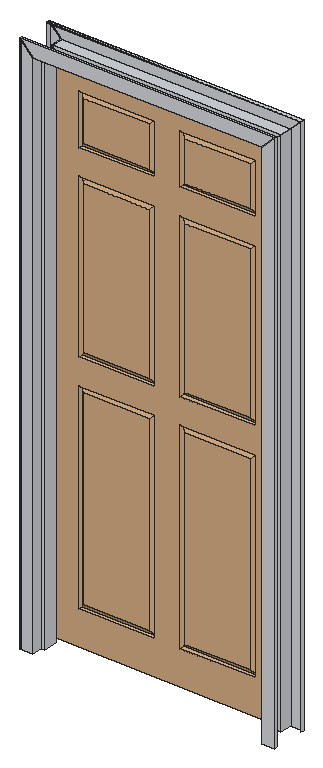
Revit family "Ext-Embossed-Door-WDMF-6-Panel-36 x 84", category Doors, host Wall, Revit 2014
Parameters (values of type "Ext-E-WDMF-6-Panel-36" x 84"")
  Width = Door Panel Width  # 3' - 0"
  Wall Thickness [instance] = 0' - 5 3/4"
  URL = ""
  Type Comments = "EXT,"
  Thickness = 0' - 1 3/4"
  Swing Angle [instance] = 90.00°
  SDI RO Spacing = 0' - 0"
  SDI Panel 1 Width = Leaf Width + 0' 0 3/16"  # 3' - 0"
  SDI No Panels = ""
  SDI HW Set [instance] = ""
  SDI HW Item LO-2 [instance] = ""
  SDI HW Item LO-1 [instance] = ""
  SDI HW Item KP-2 [instance] = ""
  SDI HW Item KP-1 [instance] = ""
  SDI HW Item HI-2 [instance] = ""
  SDI HW Item HI-1 [instance] = ""
  SDI HW Item HC-2 [instance] = ""
  SDI HW Item HC-1 [instance] = ""
  SDI HW Item ED-2 [instance] = ""
  SDI HW Item ED-1 [instance] = ""
  SDI HW Item DO-2 [instance] = ""
  SDI HW Item DO-1 [instance] = ""
  SDI HW Item CL-2 [instance] = ""
  SDI HW Item CL-1 [instance] = ""
  SDI Glass Material = Glass
  SDI Frame Type = "3 Piece"
  SDI Frame Material Type = "Hollow Metal"
  SDI Frame Material = Paint - Generic - Prime
  SDI Frame Manufacturer = ""
  SDI Frame Jamb Width = 0' - 2"
  SDI Frame Head Width = 0' - 2"
  SDI Frame Finish Type = "Painted"
  SDI Frame Finish Color = "Prime"
  SDI Frame Depth [instance] = 0' - 5 3/4"
  SDI Family Version = "1.0"
  SDI Door Top Rail Width = 0' - 7 3/4"
  SDI Door Stile Width = 0' - 6"
  SDI Door Panel Type = "N"
  SDI Door Material Type = "Hollow Metal"
  SDI Door Material = Stain - SRO - Red Oak 100 Clear
  SDI Door Manufacturer = ""
  SDI Door Glass Type = "1/4\" Tempered"
  SDI Door Finish Type = "Painted"
  SDI Door Finish Color = "Prime"
  SDI Door Configuration = "SG"
  SDI Door Bottom Rail Width = 5' - 0"
  SDI Arch Frame Type [instance] = ""
  SDI Arch Frame Material Type [instance] = "HM"
  SDI Arch Door Panel Type [instance] = "N"
  SDI Arch Door Material Type [instance] = "HM"
  Rough Width = Frame Width - 0' 0" + 2 * SDI RO Spacing  # 3' - 4"
  Rough Height = Frame Height - 0' 0" + SDI RO Spacing  # 7' - 2"
  R1 Height = 7' - 0"
  P1 Width = 3' - 2"
  Model = "Ext-E-WDMF-6-Panel-36\" x 84\""
  Manufacturer = ""
  Leaf Width = P1 Width - 0' 2 3/16"  # 2' - 11 13/16"
  Height = Door Panel Height  # 7' - 0"
  Glass Offset [instance] = 0' 2 1/16" + (SDI Frame Depth - 0' 5 3/4") / 2  # 0' - 2 1/16"
  Function = Exterior
  Frame Width = P1 Width + 0' 2"  # 3' - 4"
  Frame Offset [instance] = if(Aligned Exterior, SDI Frame Depth / 2, if(Aligned Center, Wall Thickness / 2, if(Aligned Interior, Wall Thickness - SDI Frame Depth + SDI Frame Depth / 2, Aligned Other)))  # 0' - 2 7/8"
  Frame Height = R1 Height + 0' 2"  # 7' - 2"
  Fire Rating = ""
  Exterior Glazing [instance] = no
  Door Panel Width = P1 Width - 0' 2"  # 3' - 0"
  Door Panel Height = R1 Height + 0' 2" - (0' 2")  # 7' - 0"
  Door Offset [instance] = 0' 2 13/16" + (SDI Frame Depth - 0' 5 3/4") / 2  # 0' - 2 13/16"
  Description = "Wood Door with Hollow Metal Frame 6 Panel"
  Cost = 0
  Assembly Code = "B2030120"
  Analytic Construction = "<None>"
  Aligned Other [instance] = 0' - 0"
  Aligned Interior [instance] = no
  Aligned Exterior [instance] = yes
  Aligned Center [instance] = no
  ADA Clearance Lines = no
Reference planes (in)
  plane 1: y = 0
  plane 2 "Center (Left/Right)": x = 0
  plane 3 "Wall Edge": y = 2.875
  plane 4 "Wall Interior": y = -2.875
  plane 5 "ModelRefLevel": z = 0
  plane 6 "FrameDepthPlane": y = 0
  plane 7 "FrameFront": y = 2.875
  plane 8 "FrameBack": y = -2.875
  plane 9 "V0": x = 19
  plane 10 "V1": x = -19
  plane 11 "H0": z = 1
  plane 12 "H1": z = 85
  plane 13 "DoorLeft": x = 18
  plane 14 "DoorRight": x = -18
  plane 15 "DoorCenter": x = 0
  plane 16 "DoorTop": z = 83.875
  plane 17 "DoorCenterTB": z = 41.9375
  plane 18 "DoorExtFace": y = 2.8125
  plane 19 "DoorGlassFace": y = 2.0625
  plane 20 "LockCenterLine": z = 32.5625
  plane 21 "DoorExtFace1": y = 2.0625
  plane 22 "GlassRight1": x = -11.90625
  plane 23 "ActDoorLeft": x = 17.90625
  plane 24 "SwingClrPlane": y = 62.875
  plane 25 "SwingPartialPlane": y = 50.875
  plane 26: x = -7.90625
  plane 27: x = -11.90625
  plane 28: z = 76.125
  plane 29: z = 51.125
  plane 30: z = 79
  plane 31: z = 6
  plane 32: z = 41.5
  plane 33: z = 37.5
  plane 34: x = 13.90625
  plane 35: x = -13.90625
  plane 36: x = 2
  plane 37: x = -2
  plane 38: z = 71
  plane 39: z = 67
  plane 40: z = 42.5
Forms (in)
  Extrusion 1, solid
    sketch origin (138.6875, 0, 43) x (-1, 0, 0) y (0, -1, 0)
      loop
        line (118.6875, -2.375) -> (118.6875, -2.875) -> (120.6875, -2.875) -> (120.6875, -0.9375) -> (121.3125, -0.9375) -> (121.3125, 1.3125) -> (120.6875, 1.3125) -> (120.6875, 2.875) -> (118.6875, 2.875) -> (118.6875, 2.4375) -> (118.75, 2.4375) -> (118.75, 2.8125) -> (120.625, 2.8125) -> (120.625, 1.25) -> (121.25, 1.25) -> (121.25, -0.875) -> (120.625, -0.875) -> (120.625, -2.8125) -> (118.75, -2.8125) -> (118.75, -2.375) -> (118.6875, -2.375)
    from -43 to 43
  Extrusion 2, void
    sketch origin (0, 2.875, 0) x (1, 0, 0) y (0, 0, 1)
      loop
        line (20, 86) -> (17.375, 86) -> (17.375, 83.375) -> (20, 86)
    from -12 to 12
  Extrusion 3, solid
    sketch origin (101.3125, 0, 43) x (-1, 0, 0) y (0, -1, 0)
      loop
        line (121.25, -2.375) -> (121.25, -2.8125) -> (119.375, -2.8125) -> (119.375, -0.875) -> (118.75, -0.875) -> (118.75, 1.25) -> (119.375, 1.25) -> (119.375, 2.8125) -> (121.25, 2.8125) -> (121.25, 2.4375) -> (121.3125, 2.4375) -> (121.3125, 2.875) -> (119.3125, 2.875) -> (119.3125, 1.3125) -> (118.6875, 1.3125) -> (118.6875, -0.9375) -> (119.3125, -0.9375) -> (119.3125, -2.875) -> (121.3125, -2.875) -> (121.3125, -2.375) -> (121.25, -2.375)
    from -43 to 43
  Extrusion 4, void
    sketch origin (0, 2.875, 0) x (1, 0, 0) y (0, 0, 1)
      loop
        line (-20, 86) -> (-17.375, 83.375) -> (-17.375, 86) -> (-20, 86)
    from -12 to 12
  Extrusion 5, solid
    sketch origin (0, 0, 84.6875) x (0, 1, 0) y (0, 0, 1)
      loop
        line (2.375, 1.25) -> (2.8125, 1.25) -> (2.8125, -0.625) -> (0.875, -0.625) -> (0.875, -1.25) -> (-1.25, -1.25) -> (-1.25, -0.625) -> (-2.8125, -0.625) -> (-2.8125, 1.25) -> (-2.4375, 1.25) -> (-2.4375, 1.3125) -> (-2.875, 1.3125) -> (-2.875, -0.6875) -> (-1.3125, -0.6875) -> (-1.3125, -1.3125) -> (0.9375, -1.3125) -> (0.9375, -0.6875) -> (2.875, -0.6875) -> (2.875, 1.3125) -> (2.375, 1.3125) -> (2.375, 1.25)
    from -20 to 20
  Extrusion 6, void
    sketch origin (0, 2.875, 0) x (1, 0, 0) y (0, 0, 1)
      loop
        line (-20, 86) -> (-20, 83.375) -> (-17.375, 83.375) -> (-20, 86)
    from -12 to 12
  Extrusion 7, void
    sketch origin (0, 2.875, 0) x (1, 0, 0) y (0, 0, 1)
      loop
        line (20, 86) -> (17.375, 83.375) -> (20, 83.375) -> (20, 86)
    from -12 to 12
  Extrusion 8, solid, material "Stain - SRO - Red Oak 100 Clear" <- "SDI Door Material"
    sketch origin (-60, 2.8125, -12) x (1, 0, 0) y (0, 0, 1)
      loop
        line (77.90625, 12.625) -> (77.90625, 95.875) -> (42.09375, 95.875) -> (42.09375, 12.625) -> (77.90625, 12.625)
    from 0 to 1.75
  Sweep 9, void
    path origin (0, 2.875, 0) x (1, 0, 0) y (0, 0, 1)
      loop
        line (13.90625, 79) -> (2, 79) -> (2, 71) -> (13.90625, 71) -> (13.90625, 79)
    profile origin (13.90625, 2.875, 75) x (0, -1, 0) y (1, 0, 0)
      loop
        line (0, 0) -> (0, -0.92134) -> (0.5, -0.23315) -> (0, 0)
      loop
        line (1.875, 0) -> (1.375, -0.23315) -> (1.875, -0.92134) -> (1.875, 0)
  Sweep 10, void
    path origin (0, 2.875, 0) x (1, 0, 0) y (0, 0, 1)
      loop
        line (13.90625, 37.5) -> (2, 37.5) -> (2, 6) -> (13.90625, 6) -> (13.90625, 37.5)
    profile origin (13.90625, 2.875, 21.75) x (0, -1, 0) y (1, 0, 0)
      loop
        line (0, 0) -> (0, -0.92134) -> (0.5, -0.23315) -> (0, 0)
      loop
        line (1.875, 0) -> (1.375, -0.23315) -> (1.875, -0.92134) -> (1.875, 0)
  Sweep 11, void
    path origin (0, 2.875, 0) x (1, 0, 0) y (0, 0, 1)
      loop
        line (-2, 79) -> (-13.90625, 79) -> (-13.90625, 71) -> (-2, 71) -> (-2, 79)
    profile origin (-2, 2.875, 75) x (0, -1, 0) y (1, 0, 0)
      loop
        line (0.0625, -0.80529) -> (0.5, -0.20312) -> (0.0625, -0.00088) -> (0.0625, -0.80529)
      loop
        line (1.8143, -0.80529) -> (1.8143, -0.00088) -> (1.3768, -0.20312) -> (1.8143, -0.80529)
  Sweep 12, void
    path origin (0, 2.875, 0) x (1, 0, 0) y (0, 0, 1)
      loop
        line (-2, 37.5) -> (-13.90625, 37.5) -> (-13.90625, 6) -> (-2, 6) -> (-2, 37.5)
    profile origin (-2, 2.875, 21.75) x (0, -1, 0) y (1, 0, 0)
      loop
        line (0.0625, -0.00088) -> (0.0625, -0.80529) -> (0.5, -0.20312) -> (0.0625, -0.00088)
      loop
        line (1.8143, -0.00088) -> (1.3768, -0.20312) -> (1.8143, -0.80529) -> (1.8143, -0.00088)
  Sweep 13, void
    path origin (0, 2.875, 0) x (1, 0, 0) y (0, 0, 1)
      loop
        line (13.90625, 67) -> (2, 67) -> (2, 41.5) -> (13.90625, 41.5) -> (13.90625, 67)
    profile origin (13.90625, 2.875, 54.25) x (0, -1, 0) y (1, 0, 0)
      loop
        line (0.0625, -0.02914) -> (0.0625, -0.83532) -> (0.5, -0.23315) -> (0.0625, -0.02914)
      loop
        line (1.8125, -0.02914) -> (1.375, -0.23315) -> (1.8125, -0.83532) -> (1.8125, -0.02914)
  Sweep 14, void
    path origin (0, 2.875, 0) x (1, 0, 0) y (0, 0, 1)
      loop
        line (-2, 67) -> (-13.90625, 67) -> (-13.90625, 41.5) -> (-2, 41.5) -> (-2, 67)
    profile origin (-2, 2.875, 54.25) x (0, -1, 0) y (1, 0, 0)
      loop
        line (0.5, -0.20313) -> (0.0625, -0.00088) -> (0.0625, -0.80529) -> (0.5, -0.20313)
      loop
        line (1.8125, -0.80529) -> (1.8125, -0.00172) -> (1.37545, -0.20375) -> (1.8125, -0.80529)
Cuts and joins
  Extrusion 2 cuts Extrusion 1
  Extrusion 4 cuts Extrusion 3
  Extrusion 6, Extrusion 7 cuts Extrusion 5
  Sweep 9, Sweep 10, Sweep 11, Sweep 12, Sweep 13, Sweep 14 cuts Extrusion 8
Lines and regions (in)
  Opening 1
    outline origin (-60, -2.875, 0) x (1, 0, 0) y (0, 0, 1)
      loop
        line (80, 0) -> (80, 86) -> (40, 86) -> (40, 0) -> (80, 0)
  symbolic lines, style "DoorsFrameMullionProjection", detail levels fine
    curve 1: line (20, 2.375, 0) -> (20, 2.875, 0)
    curve 2: line (20, 2.875, 0) -> (18, 2.875, 0)
    curve 3: line (18, 2.875, 0) -> (18, 0.9375, 0)
    curve 4: line (18, 0.9375, 0) -> (17.375, 0.9375, 0)
    curve 5: line (17.375, 0.9375, 0) -> (17.375, -1.3125, 0)
    curve 6: line (17.375, -1.3125, 0) -> (18, -1.3125, 0)
    curve 7: line (18, -1.3125, 0) -> (18, -2.875, 0)
    curve 8: line (18, -2.875, 0) -> (20, -2.875, 0)
    curve 9: line (20, -2.875, 0) -> (20, -2.4375, 0)
    curve 10: line (20, -2.4375, 0) -> (19.9375, -2.4375, 0)
    curve 11: line (19.9375, -2.4375, 0) -> (19.9375, -2.8125, 0)
    curve 12: line (19.9375, -2.8125, 0) -> (18.0625, -2.8125, 0)
    curve 13: line (18.0625, -2.8125, 0) -> (18.0625, -1.25, 0)
    curve 14: line (18.0625, -1.25, 0) -> (17.4375, -1.25, 0)
    curve 15: line (17.4375, -1.25, 0) -> (17.4375, 0.875, 0)
    curve 16: line (17.4375, 0.875, 0) -> (18.0625, 0.875, 0)
    curve 17: line (18.0625, 0.875, 0) -> (18.0625, 2.8125, 0)
    curve 18: line (18.0625, 2.8125, 0) -> (19.9375, 2.8125, 0)
    curve 19: line (19.9375, 2.8125, 0) -> (19.9375, 2.375, 0)
    curve 20: line (19.9375, 2.375, 0) -> (20, 2.375, 0)
    curve 25: line (-19.9375, 2.375, 0) -> (-19.9375, 2.8125, 0)
    curve 26: line (-19.9375, 2.8125, 0) -> (-18.0625, 2.8125, 0)
    curve 27: line (-18.0625, 2.8125, 0) -> (-18.0625, 0.875, 0)
    curve 28: line (-18.0625, 0.875, 0) -> (-17.4375, 0.875, 0)
    curve 29: line (-17.4375, 0.875, 0) -> (-17.4375, -1.25, 0)
    curve 30: line (-17.4375, -1.25, 0) -> (-18.0625, -1.25, 0)
    curve 31: line (-18.0625, -1.25, 0) -> (-18.0625, -2.8125, 0)
    curve 32: line (-18.0625, -2.8125, 0) -> (-19.9375, -2.8125, 0)
    curve 33: line (-19.9375, -2.8125, 0) -> (-19.9375, -2.4375, 0)
    curve 34: line (-19.9375, -2.4375, 0) -> (-20, -2.4375, 0)
    curve 35: line (-20, -2.4375, 0) -> (-20, -2.875, 0)
    curve 36: line (-20, -2.875, 0) -> (-18, -2.875, 0)
    curve 37: line (-18, -2.875, 0) -> (-18, -1.3125, 0)
    curve 38: line (-18, -1.3125, 0) -> (-17.375, -1.3125, 0)
    curve 39: line (-17.375, -1.3125, 0) -> (-17.375, 0.9375, 0)
    curve 40: line (-17.375, 0.9375, 0) -> (-18, 0.9375, 0)
    curve 41: line (-18, 0.9375, 0) -> (-18, 2.875, 0)
    curve 42: line (-18, 2.875, 0) -> (-20, 2.875, 0)
    curve 43: line (-20, 2.875, 0) -> (-20, 2.375, 0)
    curve 44: line (-20, 2.375, 0) -> (-19.9375, 2.375, 0)
  symbolic lines, style "DoorsFrameMullionProjection", detail levels coarse+medium
    curve 21: line (18, -2.875, 0) -> (20, -2.875, 0)
    curve 22: line (18, 2.875, 0) -> (20, 2.875, 0)
    curve 23: line (18, -2.875, 0) -> (18, 2.875, 0)
    curve 24: line (20, -2.875, 0) -> (20, 2.875, 0)
    curve 45: line (-20, -2.875, 0) -> (-18, -2.875, 0)
    curve 46: line (-20, 2.875, 0) -> (-18, 2.875, 0)
    curve 47: line (-20, -2.875, 0) -> (-20, 2.875, 0)
    curve 48: line (-18, -2.875, 0) -> (-18, 2.875, 0)
  symbolic lines, style "Elevation Swing"
    curve 49: line (-17.90625, 2.875, 83.875) -> (17.90625, 2.875, 41.9375)
    curve 50: line (-17.90625, 2.875, 0) -> (17.90625, 2.875, 41.9375)
  symbolic lines, style "ADA Clearance", visible <- "ADA Clearance Lines"
    curve 51: line (20, 2.875, 0) -> (20, 62.875, 0)
    curve 52: line (-36, 62.875, 0) -> (20, 62.875, 0)
    curve 53: line (-36, 50.875, 0) -> (20, 50.875, 0)
    curve 54: line (-36, 2.875, 0) -> (-36, 62.875, 0)
    curve 55: line (20, -2.875, 0) -> (20, -50.875, 0)
    curve 56: line (-30, -50.875, 0) -> (20, -50.875, 0)
    curve 57: line (-30, -2.875, 0) -> (-30, -50.875, 0)
Text (in)
  text "Placement Side" at (0, 40.15149, 123.01588), in view "Right"
  text "Placement Side" at (-70.3804, 28.46503, 0), in view "Ref. Level"
  text "Placement Side" at (0, 81.62555, 140.59947), in view "Left"
Dimensions and locks (in)
  locked: plane 3 "Wall Edge" to host wall
  equal spacing: host wall, plane 2 "Center (Left/Right)", host wall
  "Rough Width": host wall to host wall
  "Rough Height": level to host wall
  equal spacing: plane 3 "Wall Edge", plane 1, plane 4 "Wall Interior"
  "Wall Thickness": host wall to host wall
  "Frame Offset": plane 3 "Wall Edge" to plane 6 "FrameDepthPlane"
  equal spacing: plane 7 "FrameFront", plane 6 "FrameDepthPlane", plane 8 "FrameBack"
  "SDI Frame Depth": plane 7 "FrameFront" to plane 8 "FrameBack"
  equal spacing: plane 9 "V0", plane 2 "Center (Left/Right)", plane 10 "V1"
  "P1 Width": plane 9 "V0" to plane 10 "V1"
  "R1 Height": plane 11 "H0" to plane 12 "H1"
  locked: plane 12 "H1" to Extrusion 1 at 1
  locked: plane 11 "H0" to Extrusion 1 at 1
  locked: plane 9 "V0" to Extrusion 1 at 1  (x4)
  locked: plane 9 "V0" to Extrusion 1 at 0.9375  (x5)
  locked: plane 9 "V0" to Extrusion 1 at 1.5625
  locked: plane 9 "V0" to Extrusion 1 at 1.625
  locked: plane 12 "H1" to Extrusion 3 at 1
  locked: plane 11 "H0" to Extrusion 3 at 1
  locked: plane 10 "V1" to Extrusion 3 at 0.9375  (x4)
  locked: plane 10 "V1" to Extrusion 3 at 1  (x5)
  locked: plane 10 "V1" to Extrusion 3 at 1.625
  locked: plane 10 "V1" to Extrusion 3 at 1.5625
  locked: plane 9 "V0" to Extrusion 5 at 1
  locked: plane 10 "V1" to Extrusion 5 at 1
  locked: plane 12 "H1" to Extrusion 5 at 0.9375  (x5)
  locked: plane 12 "H1" to Extrusion 5 at 1.5625
  locked: plane 12 "H1" to Extrusion 5 at 1  (x4)
  locked: plane 12 "H1" to Extrusion 5 at 1.625
  locked: plane 7 "FrameFront" to cut or joined group of Extrusion 1, Extrusion 2 at 1.9375
  locked: plane 7 "FrameFront" to cut or joined group of Extrusion 1, Extrusion 2 at 2
  locked: plane 7 "FrameFront" to cut or joined group of Extrusion 1, Extrusion 2 at 0.0625
  locked: plane 7 "FrameFront" to cut or joined group of Extrusion 1, Extrusion 2 at 0.5
  locked: plane 8 "FrameBack" to cut or joined group of Extrusion 1, Extrusion 2 at 1.5625
  locked: plane 8 "FrameBack" to cut or joined group of Extrusion 1, Extrusion 2 at 0.4375
  locked: plane 8 "FrameBack" to cut or joined group of Extrusion 1, Extrusion 2 at 0.0625
  locked: plane 8 "FrameBack" to cut or joined group of Extrusion 1, Extrusion 2 at 1.625
  locked: plane 7 "FrameFront" to cut or joined group of Extrusion 3, Extrusion 4 at 0.0625
  locked: plane 7 "FrameFront" to cut or joined group of Extrusion 3, Extrusion 4 at 2
  locked: plane 7 "FrameFront" to cut or joined group of Extrusion 3, Extrusion 4 at 1.9375
  locked: plane 7 "FrameFront" to cut or joined group of Extrusion 3, Extrusion 4 at 0.5
  locked: plane 8 "FrameBack" to cut or joined group of Extrusion 3, Extrusion 4 at 1.625
  locked: plane 8 "FrameBack" to cut or joined group of Extrusion 3, Extrusion 4 at 0.0625
  locked: plane 8 "FrameBack" to cut or joined group of Extrusion 3, Extrusion 4 at 0.4375
  locked: plane 8 "FrameBack" to cut or joined group of Extrusion 3, Extrusion 4 at 1.5625
  locked: plane 7 "FrameFront" to cut or joined group of Extrusion 5, Extrusion 6, Extrusion 7 at 0.0625
  locked: plane 7 "FrameFront" to cut or joined group of Extrusion 5, Extrusion 6, Extrusion 7 at 2
  locked: plane 7 "FrameFront" to cut or joined group of Extrusion 5, Extrusion 6, Extrusion 7 at 1.9375
  locked: plane 7 "FrameFront" to cut or joined group of Extrusion 5, Extrusion 6, Extrusion 7 at 0.5
  locked: plane 8 "FrameBack" to cut or joined group of Extrusion 5, Extrusion 6, Extrusion 7 at 1.625
  locked: plane 8 "FrameBack" to cut or joined group of Extrusion 5, Extrusion 6, Extrusion 7 at 0.0625
  locked: plane 8 "FrameBack" to cut or joined group of Extrusion 5, Extrusion 6, Extrusion 7 at 0.4375
  locked: plane 8 "FrameBack" to cut or joined group of Extrusion 5, Extrusion 6, Extrusion 7 at 1.5625
  locked: plane 7 "FrameFront" to curve 4 at 1.9375
  locked: plane 7 "FrameFront" to curve 16 at 2
  locked: plane 7 "FrameFront" to curve 18 at 0.0625
  locked: plane 7 "FrameFront" to curve 20 at 0.5
  locked: plane 7 "FrameFront" to curve 26 at 0.0625
  locked: plane 7 "FrameFront" to curve 28 at 2
  locked: plane 7 "FrameFront" to curve 40 at 1.9375
  locked: plane 7 "FrameFront" to curve 44 at 0.5
  locked: plane 8 "FrameBack" to curve 6 at 1.5625
  locked: plane 8 "FrameBack" to curve 10 at 0.4375
  locked: plane 8 "FrameBack" to curve 12 at 0.0625
  locked: plane 8 "FrameBack" to curve 14 at 1.625
  locked: plane 8 "FrameBack" to curve 30 at 1.625
  locked: plane 8 "FrameBack" to curve 32 at 0.0625
  locked: plane 8 "FrameBack" to curve 34 at 0.4375
  locked: plane 8 "FrameBack" to curve 38 at 1.5625
  locked: plane 9 "V0" to plane 13 "DoorLeft" at 1
  locked: plane 10 "V1" to plane 14 "DoorRight" at 1
  locked: plane 12 "H1" to plane 16 "DoorTop" at 1.125
  equal spacing: plane 16 "DoorTop", plane 17 "DoorCenterTB", plane 5 "ModelRefLevel"
  "Door Offset": plane 6 "FrameDepthPlane" to plane 18 "DoorExtFace"
  "Glass Offset": plane 6 "FrameDepthPlane" to plane 19 "DoorGlassFace"
  plane 20 "LockCenterLine" to plane 5 "ModelRefLevel" = 2' - 8 9/16"
  locked: Extrusion 8 to Extrusion 8 at 1.75
  locked: plane 6 "FrameDepthPlane" to plane 21 "DoorExtFace1" at 2.0625
  locked: plane 14 "DoorRight" to plane 22 "GlassRight1" at 6.09375
  locked: plane 13 "DoorLeft" to Extrusion 8 at 0.09375
  locked: plane 14 "DoorRight" to Extrusion 8 at 0.09375
  locked: plane 5 "ModelRefLevel" to Extrusion 8 at 0.625
  locked: plane 13 "DoorLeft" to plane 23 "ActDoorLeft" at 0.09375
  locked: plane 3 "Wall Edge" to plane 24 "SwingClrPlane" at 60
  locked: plane 3 "Wall Edge" to plane 25 "SwingPartialPlane" at 48
  locked: plane 27 to plane 14 "DoorRight" at 6.09375
  plane 26 to plane 27 = 0' - 4"
  locked: plane 29 to plane 28 at 25
  locked: plane 28 to plane 12 "H1" at 8.875
  locked: plane 30 to plane 12 "H1" at 6
  locked: plane 11 "H0" to plane 31 at 5
  locked: plane 23 "ActDoorLeft" to plane 34 at 4
  locked: plane 35 to plane 14 "DoorRight" at 4.09375
  locked: plane 15 "DoorCenter" to plane 36 at 2
  locked: plane 15 "DoorCenter" to plane 37 at 2
  locked: plane 38 to plane 30 at 8
  locked: plane 39 to plane 38 at 4
  locked: plane 33 to plane 32 at 4
  equal spacing: plane 31, plane 40, plane 30
  locked: plane 32 to plane 40 at 1
  aligned and locked: plane 4 "Wall Interior" to host wall
  aligned and locked: cut or joined group of Extrusion 1, Extrusion 2 to plane 7 "FrameFront"
  aligned and locked: plane 8 "FrameBack" to cut or joined group of Extrusion 1, Extrusion 2
  aligned and locked: cut or joined group of Extrusion 3, Extrusion 4 to plane 7 "FrameFront"
  aligned and locked: plane 8 "FrameBack" to cut or joined group of Extrusion 3, Extrusion 4
  aligned and locked: cut or joined group of Extrusion 5, Extrusion 6, Extrusion 7 to plane 7 "FrameFront"
  aligned and locked: plane 8 "FrameBack" to cut or joined group of Extrusion 5, Extrusion 6, Extrusion 7
  aligned and locked: curve 2 to plane 7 "FrameFront"
  aligned and locked: plane 7 "FrameFront" to curve 22
  aligned and locked: curve 42 to plane 7 "FrameFront"
  aligned and locked: plane 7 "FrameFront" to curve 46
  aligned and locked: plane 8 "FrameBack" to curve 8
  aligned and locked: plane 8 "FrameBack" to curve 36
  aligned and locked: Extrusion 8 to plane 18 "DoorExtFace"
  aligned and locked: Extrusion 8 to plane 16 "DoorTop"
  aligned and locked: plane 7 "FrameFront" to nested 1
  aligned and locked: plane 23 "ActDoorLeft" to nested 1
  aligned and locked: plane 24 "SwingClrPlane" to curve 52
  aligned and locked: plane 25 "SwingPartialPlane" to curve 53
  aligned and locked: Sweep 9 sketch curve to plane 30
  aligned and locked: Sweep 9 sketch curve to plane 34
  aligned and locked: Sweep 10 sketch curve to plane 31
  aligned and locked: Sweep 10 sketch curve to plane 33
  aligned and locked: Sweep 10 sketch curve to plane 34
  aligned and locked: Sweep 9 sketch curve to plane 36
  aligned and locked: Sweep 10 sketch curve to plane 36
  aligned and locked: plane 37 to Sweep 11 sketch curve
  aligned and locked: plane 30 to Sweep 11 sketch curve
  aligned and locked: plane 35 to Sweep 11 sketch curve
  aligned and locked: plane 37 to Sweep 12 sketch curve
  aligned and locked: plane 35 to Sweep 12 sketch curve
  aligned and locked: plane 31 to Sweep 12 sketch curve
  aligned and locked: plane 33 to Sweep 12 sketch curve
  aligned and locked: Sweep 9 sketch curve to plane 38
  aligned and locked: Sweep 11 sketch curve to plane 38
  aligned and locked: plane 34 to Sweep 13 sketch curve
  aligned and locked: plane 36 to Sweep 13 sketch curve
  aligned and locked: plane 39 to Sweep 13 sketch curve
  aligned and locked: plane 32 to Sweep 13 sketch curve
  aligned and locked: plane 37 to Sweep 14 sketch curve
  aligned and locked: plane 35 to Sweep 14 sketch curve
  aligned and locked: plane 39 to Sweep 14 sketch curve
  aligned and locked: plane 32 to Sweep 14 sketch curve
Automatic sketch dimensions
  Opening 1 sketch curve to level = 0' - 0"
  Opening 1 sketch curve to plane 2 "Center (Left/Right)" = 1' - 8"
  plane 2 "Center (Left/Right)" to Opening 1 sketch curve = 1' - 8"
  level to Opening 1 sketch curve = 7' - 2"
  Extrusion 2 sketch curve to plane 9 "V0" = 0' - 1 5/8"
  plane 9 "V0" to Extrusion 2 sketch curve = 0' - 1"
  plane 12 "H1" to Extrusion 2 sketch curve = 0' - 1 5/8"
  Extrusion 2 sketch curve to plane 12 "H1" = 0' - 1"
  Extrusion 1 sketch curve to host wall = 0' - 0"
  host wall to Extrusion 1 sketch curve = 0' - 0"
  Extrusion 1 sketch curve to host wall = 0' - 0 1/2"
  plane 2 "Center (Left/Right)" to Extrusion 1 sketch curve = 1' - 8"  (x2)
  Extrusion 1 sketch curve to host wall = 0' - 0 7/16"
  Extrusion 1 sketch curve to Extrusion 1 sketch curve = 0' - 0 1/16"  (x7)
  plane 2 "Center (Left/Right)" to Extrusion 1 sketch curve = 1' - 6 1/16"  (x2)
  Extrusion 1 sketch curve to host wall = 0' - 0 1/16"  (x2)
  Extrusion 1 sketch curve to Extrusion 1 sketch curve = 0' - 0 9/16"
  Extrusion 1 sketch curve to host wall = 0' - 0 15/16"
  host wall to Extrusion 1 sketch curve = 0' - 1 1/4"
  plane 9 "V0" to curve 1 = 0' - 1"
  curve 6 to curve 5 = 0' - 0 5/8"
  curve 7 to plane 9 "V0" = 0' - 1"
  curve 9 to curve 10 = 0' - 0 1/16"
  curve 12 to curve 7 = 0' - 0 1/16"
  curve 14 to curve 5 = 0' - 0 1/16"
  curve 16 to curve 3 = 0' - 0 1/16"
  curve 1 to curve 18 = 0' - 0 1/16"
  Extrusion 4 sketch curve to plane 10 "V1" = 0' - 1"
  plane 10 "V1" to Extrusion 4 sketch curve = 0' - 1 5/8"
  plane 12 "H1" to Extrusion 4 sketch curve = 0' - 1 5/8"
  Extrusion 4 sketch curve to plane 12 "H1" = 0' - 1"
  host wall to Extrusion 3 sketch curve = 0' - 0"
  Extrusion 3 sketch curve to host wall = 0' - 0"
  Extrusion 3 sketch curve to plane 2 "Center (Left/Right)" = 1' - 5 3/8"
  Extrusion 3 sketch curve to Extrusion 3 sketch curve = 0' - 0 1/16"  (x7)
  Extrusion 3 sketch curve to Extrusion 3 sketch curve = 0' - 0 9/16"  (x2)
  Extrusion 3 sketch curve to host wall = 0' - 0 7/16"
  Extrusion 3 sketch curve to plane 2 "Center (Left/Right)" = 1' - 7 15/16"  (x2)
  Extrusion 3 sketch curve to host wall = 0' - 0 1/2"
  Extrusion 3 sketch curve to host wall = 0' - 0 1/16"  (x2)
  Extrusion 3 sketch curve to host wall = 0' - 0 15/16"
  host wall to Extrusion 3 sketch curve = 0' - 1 1/4"
  plane 10 "V1" to curve 26 = 0' - 0 15/16"
  curve 29 to curve 30 = 0' - 0 5/8"
  curve 32 to plane 10 "V1" = 0' - 0 15/16"
  curve 33 to curve 34 = 0' - 0 1/16"
  curve 36 to curve 31 = 0' - 0 1/16"
  curve 38 to curve 29 = 0' - 0 1/16"
  curve 40 to curve 27 = 0' - 0 1/16"
  curve 25 to curve 42 = 0' - 0 1/16"
  Extrusion 6 sketch curve to plane 10 "V1" = 0' - 1"
  plane 10 "V1" to Extrusion 6 sketch curve = 0' - 1 5/8"
  plane 12 "H1" to Extrusion 6 sketch curve = 0' - 1 5/8"
  Extrusion 6 sketch curve to plane 12 "H1" = 0' - 1"
  Extrusion 7 sketch curve to plane 9 "V0" = 0' - 1 5/8"
  plane 9 "V0" to Extrusion 7 sketch curve = 0' - 1"
  plane 12 "H1" to Extrusion 7 sketch curve = 0' - 1 5/8"
  Extrusion 7 sketch curve to plane 12 "H1" = 0' - 1"
  Extrusion 5 sketch curve to host wall = 0' - 0"  (x2)
  Extrusion 5 sketch curve to host wall = 0' - 0 1/16"  (x2)
  Extrusion 5 sketch curve to Extrusion 5 sketch curve = 0' - 0 3/8"
  host wall to Extrusion 5 sketch curve = 0' - 1 5/16"
  Extrusion 5 sketch curve to Extrusion 5 sketch curve = 0' - 0 1/16"  (x7)
  Extrusion 5 sketch curve to host wall = 0' - 0 7/8"
  Extrusion 5 sketch curve to host wall = 0' - 0 1/2"
  level to Extrusion 5 sketch curve = 6' - 11 3/8"
  Extrusion 5 sketch curve to Extrusion 5 sketch curve = 0' - 0 9/16"  (x2)
  Extrusion 5 sketch curve to plane 11 "H0" = 7' - 0 15/16"  (x2)
  Extrusion 8 sketch curve to plane 16 "DoorTop" = 0' - 0"
  plane 14 "DoorRight" to Extrusion 8 sketch curve = 0' - 0 3/32"
  Extrusion 8 sketch curve to plane 13 "DoorLeft" = 0' - 0 3/32"
  plane 11 "H0" to Extrusion 8 sketch curve = 0' - 0 3/8"
  curve 49 to plane 16 "DoorTop" = 0' - 0"
  curve 49 to plane 17 "DoorCenterTB" = 0' - 0"
  plane 14 "DoorRight" to curve 49 = 0' - 0 3/32"
  curve 50 to level = 0' - 0"
  curve 50 to plane 23 "ActDoorLeft" = 0' - 0"
  plane 14 "DoorRight" to curve 50 = 0' - 0 3/32"
  curve 51 to host wall = 0' - 0"
  plane 9 "V0" to curve 51 = 0' - 1"
  curve 54 to host wall = 0' - 0"
  host wall to curve 55 = 0' - 0"
  plane 9 "V0" to curve 55 = 0' - 1"
  host wall to curve 55 = 4' - 0"
  curve 56 to plane 10 "V1" = 0' - 11"
  host wall to curve 57 = 0' - 0"
  curve 57 to curve 54 = 0' - 6"
  profile plane to Sweep 9 sketch curve = 0' - 0"
  profile plane to Sweep 9 sketch curve = 0' - 0.23315"  (x2)
  profile plane to Sweep 9 sketch curve = 0' - 0 1/2"
  Sweep 9 sketch curve to Sweep 9 sketch curve = 0' - 0 7/8"
  Sweep 9 sketch curve to Sweep 9 sketch curve = 0' - 0 1/2"
  profile plane to Sweep 9 sketch curve = 0' - 0.92134"  (x2)
  Sweep 9 sketch curve to profile plane = 0' - 0"  (x2)
  profile plane to Sweep 10 sketch curve = 0' - 0"
  profile plane to Sweep 10 sketch curve = 0' - 0.23315"  (x2)
  profile plane to Sweep 10 sketch curve = 0' - 0 1/2"
  Sweep 10 sketch curve to Sweep 10 sketch curve = 0' - 0 7/8"
  Sweep 10 sketch curve to Sweep 10 sketch curve = 0' - 0 1/2"
  profile plane to Sweep 10 sketch curve = 0' - 0.92134"  (x2)
  Sweep 10 sketch curve to profile plane = 0' - 0"  (x2)
  plane 7 "FrameFront" to Sweep 11 sketch curve = 0' - 0 1/16"
  profile plane to Sweep 11 sketch curve = 0' - 0 13/64"  (x2)
  Sweep 11 sketch curve to Sweep 11 sketch curve = 0' - 0 7/16"  (x2)
  Sweep 11 sketch curve to Sweep 11 sketch curve = 0' - 0.8768"
  profile plane to Sweep 11 sketch curve = 0' - 0.80529"
  Sweep 11 sketch curve to Sweep 11 sketch curve = 0' - 0.60217"
  profile plane to Sweep 11 sketch curve = 0' - 0.00088"  (x2)
  profile plane to Sweep 12 sketch curve = 0' - 0.00088"  (x2)
  plane 7 "FrameFront" to Sweep 12 sketch curve = 0' - 0 1/16"
  profile plane to Sweep 12 sketch curve = 0' - 0 13/64"  (x2)
  Sweep 12 sketch curve to Sweep 12 sketch curve = 0' - 0 7/16"  (x2)
  Sweep 12 sketch curve to Sweep 12 sketch curve = 0' - 0.8768"
  Sweep 12 sketch curve to Sweep 12 sketch curve = 0' - 0.60217"
  profile plane to Sweep 12 sketch curve = 0' - 0.80529"
  profile plane to Sweep 13 sketch curve = 0' - 0.02914"  (x2)
  plane 7 "FrameFront" to Sweep 13 sketch curve = 0' - 0 1/16"
  profile plane to Sweep 13 sketch curve = 0' - 0.23315"  (x2)
  Sweep 13 sketch curve to Sweep 13 sketch curve = 0' - 0 7/16"  (x2)
  Sweep 13 sketch curve to Sweep 13 sketch curve = 0' - 0 7/8"
  Sweep 13 sketch curve to Sweep 13 sketch curve = 0' - 0.60217"
  profile plane to Sweep 13 sketch curve = 0' - 0.83532"
  profile plane to Sweep 14 sketch curve = 0' - 0.00088"
  plane 7 "FrameFront" to Sweep 14 sketch curve = 0' - 0 1/16"
  profile plane to Sweep 14 sketch curve = 0' - 0 13/64"
  Sweep 14 sketch curve to Sweep 14 sketch curve = 0' - 0 7/16"
  profile plane to Sweep 14 sketch curve = 0' - 0.20375"
  Sweep 14 sketch curve to Sweep 14 sketch curve = 0' - 0.87545"
  Sweep 14 sketch curve to Sweep 14 sketch curve = 0' - 0.60217"
  Sweep 14 sketch curve to Sweep 14 sketch curve = 0' - 0.43705"
  profile plane to Sweep 14 sketch curve = 0' - 0.80529"
  profile plane to Sweep 14 sketch curve = 0' - 0.00172"
Nested families (in)
  nested 1: "SingleDoorPlanLines" at (17.90625, 2.875, 0.625), type "SingleDoorPlanLines"
Definition of nested family "SingleDoorPlanLines"
  Parameters (values of type "SingleDoorPlanLines")
    Width = 3' - 0"
    URL = ""
    Thickness = 0' - 1 3/4"
    Analytic Construction = "<None>"
    Swing Angle = 90.00°
  Reference planes (in)
    plane 1 "Front": y = 0
    plane 2: z = 0
    plane 3 "Right": x = 0
    plane 4 "Left": x = -36
  Lines and regions (in)
    symbolic lines, style "DoorsPanelProjection"
      curve 1: line (0, 0, 0) -> (0, 36, 0)
      curve 2: line (0, 36, 0) -> (-1.75, 36, 0)
      curve 3: line (-1.75, 36, 0) -> (-1.75, 0, 0)
      curve 4: line (-1.75, 0, 0) -> (0, 0, 0)
    model lines, style "InvisibleLines", not visible
      curve 5: line (0, 0, 0) -> (-38.99851, -0.34033, 0)
    symbolic lines, style "Plan Swing"
      curve 6: arc (-35.99863, -0.31416, 0) -> (-25.56667, 25.34453, 0) -> (0, 36, 0) r 36
  Dimensions and locks (in)
    "Thickness": curve 3 to curve 1
    "Width": curve 2 to curve 4
    "Width": plane 4 "Left" to plane 3 "Right"
    "Swing Angle": angle curve 1 to plane 1 "Front"
    locked: plane 1 "Front" to curve 5 (angle 0.50°)
  Automatic sketch dimensions
    curve 6 to plane 1 "Front" = 0' - 0"
    curve 6 to plane 3 "Right" = 0' - 0"
    curve 4 to plane 1 "Front" = 0' - 0"
    curve 4 to plane 3 "Right" = 0' - 0"
